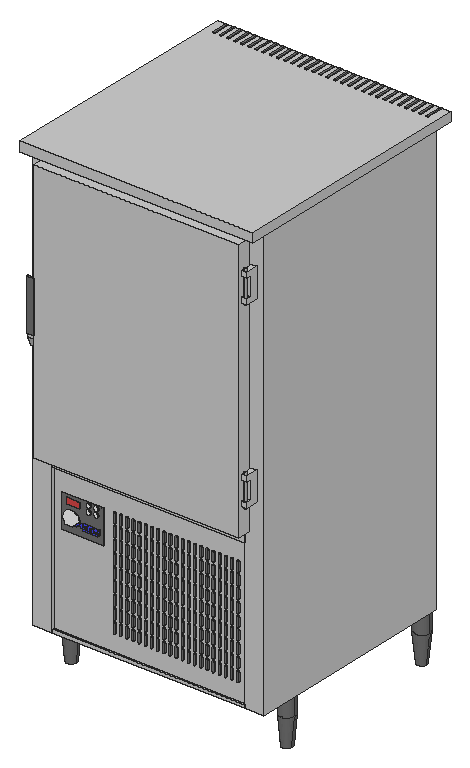
Revit family "QF_ACFRI_RS50-RL.190709092838", category Specialty Equipment, Revit 2016 (continued)
Definition of nested family "QF_ACFRI_RS50-RL_230V_1Ph_50Hz"
  Forms (mm)
    Extrusion 5, solid
      sketch origin (0, -746.05, -119.991) x (1, 0, 0) y (0, 0, 1)
        loop
          line (601.229, 494.546) -> (601.229, 467.546)
          arc (601.229, 467.546) -> (604.729, 464.046) -> (608.229, 467.546) r 3.5
          line (608.229, 467.546) -> (608.229, 494.546)
          arc (608.229, 494.546) -> (604.729, 498.046) -> (601.229, 494.546) r 3.5
        loop
          line (621.229, 494.546) -> (621.229, 467.546)
          arc (621.229, 467.546) -> (624.729, 464.046) -> (628.229, 467.546) r 3.5
          line (628.229, 467.546) -> (628.229, 494.546)
          arc (628.229, 494.546) -> (624.729, 498.046) -> (621.229, 494.546) r 3.5
        loop
          line (641.229, 494.546) -> (641.229, 467.546)
          arc (641.229, 467.546) -> (644.729, 464.046) -> (648.229, 467.546) r 3.5
          line (648.229, 467.546) -> (648.229, 494.546)
          arc (648.229, 494.546) -> (644.729, 498.046) -> (641.229, 494.546) r 3.5
        loop
          line (661.229, 494.546) -> (661.229, 467.546)
          arc (661.229, 467.546) -> (664.729, 464.046) -> (668.229, 467.546) r 3.5
          line (668.229, 467.546) -> (668.229, 494.546)
          arc (668.229, 494.546) -> (664.729, 498.046) -> (661.229, 494.546) r 3.5
      from 0 to 2
    Extrusion 6, solid
      sketch origin (-327.449, -51.57, -49) x (1, 0, 0) y (0, 0, 1)
        loop
          circle (377.449, 99) r 5
      from 0 to 5
    Extrusion 7, solid
      sketch origin (686.444, 0, -150) x (0, 1, 0) y (0, 0, 1)
        loop
          line (-56.57, 1543.957) -> (-752.05, 1543.957) -> (-752.05, 150) -> (-56.57, 150) -> (-56.57, 1543.957)
      from 3.267 to 65.187
    Extrusion 8, solid
      sketch origin (0, 0, -51) x (0, 1, 0) y (0, 0, 1)
        loop
          line (-752.05, 1444.957) -> (-752.05, 1398.517) -> (-126.332, 1398.517) -> (-126.332, 593.419) -> (-752.05, 593.419) -> (-752.05, 531.284) -> (-747.05, 531.284) -> (-747.05, 61) -> (-752.05, 61) -> (-752.05, 51) -> (-56.57, 51) -> (-56.57, 1444.957) -> (-752.05, 1444.957)
      from 65.187 to 689.711
  Lines and regions (mm)
    symbolic lines
      curve 1: line (0, 0, 0) -> (755, 0, 0)
      curve 2: line (0, -800, 0) -> (0, 0, 0)
      curve 3: line (755, -800, 0) -> (0, -800, 0)
      curve 4: line (755, 0, 0) -> (755, -800, 0)
  Dimensions and locks
    plane 3 "Left" to plane 4 "Right" = 755 mm
    plane 5 "Front" to plane 1 "Back" = 800 mm
    plane 6 "Top" to level = 1424.917 mm
    aligned and locked: level to plane 2
  Connectors
    electrical at (50, -51.57, 50)
      settings: on Extrusion 6, index 1, voltage 0 V, apparent load 0 VA, apparent load phase1 0 VA, apparent load phase2 0 VA, apparent load phase3 0 VA, power factor 1, load classification none, number of poles 1, system type 31, power factor state 1, is connector primary yes, connector utility no, sub classification motor no, connector description "Electrical connection"
Definition of nested family "QF_ACFRI_RS50_DOOR_RX"
  Parameters (values of type "RS50_DOOR_RX")
    URL catalogue [instance] = ""
    URL = "www.acfri.com"
    Status [instance] = ""
    Spécification technique [instance] = ""
    Spécification du Fabricant [instance] = ""
    Spécification de l'Utilisateur [instance] = ""
    Show Logo [instance] = yes
    Show Clearance [instance] = yes
    SMACNA No spécifique pour les matériaux  Etats Unis [instance] = ""
    Quantité par lot [instance] = no
    Profondeur hors tout [instance] = 40 mm
    Poids net à vide [instance] = 0.00 kg
    Numéro de Série [instance] = ""
    Nombre d'identification NAFEM [instance] = ""
    Model = "RS50_DOOR_RX"
    Manufacturer = "ACFRI"
    Longueur hors tout [instance] = 699 mm
    Installé Par [instance] = ""
    Identifiant Equipement [instance] = no
    Hauteur hors tout [instance] = 850 mm
    Fournis Par [instance] = ""
    Description = "PORTE AVEC OUVERTURE DROITE"
    Cost = 0
    Code de Révision [instance] = ""
    Classification dans le projet [instance] = ""
    Classement sismique [instance] = ""
    Assembly Code = "E1090320"
    Accessoires [instance] = yes
  Reference planes
    plane 1 "Back": y = 0
    plane 2: z = 0
    plane 3 "Left": x = 0
    plane 4 "Right": x = 755
    plane 5 "Front": y = -800
    plane 6 "Top": z = 1424.917
  Forms (mm)
    Extrusion 1, solid
      sketch origin (0, -100, 372.879) x (1, 0, 0) y (0, 0, 1)
        loop
          line (44.706, 1000.129) -> (44.706, 149.234) -> (710.163, 149.234) -> (710.163, 1000.129) -> (44.706, 1000.129)
      from 662.15 to 699.95
    Extrusion 2, solid
      sketch origin (0, -100, 542.879) x (0, 1, 0) y (0, 0, 1)
        loop
          line (-693, 736.96) -> (-678, 736.96) -> (-678, 677.386) -> (-693, 677.386) -> (-693, 660.173) -> (-652, 660.173) -> (-652, 754.173) -> (-693, 754.173) -> (-693, 736.96)
      from 711.246 to 729.246
    Extrusion 3, solid
      sketch origin (0, -100, 542.879) x (1, 0, 0) y (0, 1, 0)
        loop
          circle (720.083, -687.465) r 3
      from 656.173 to 760.173
    Extrusion 4, solid
      sketch origin (0, -100, -49.121) x (0, 1, 0) y (0, 0, 1)
        loop
          line (-693, 736.96) -> (-678, 736.96) -> (-678, 677.386) -> (-693, 677.386) -> (-693, 660.173) -> (-652, 660.173) -> (-652, 754.173) -> (-693, 754.173) -> (-693, 736.96)
      from 711.246 to 729.246
    Extrusion 5, solid
      sketch origin (0, -100, -49.121) x (1, 0, 0) y (0, 1, 0)
        loop
          circle (720.083, -687.465) r 3
      from 656.173 to 760.173
    Extrusion 6, solid
      sketch origin (1239.958, -61.439, 275) x (0, -1, 0) y (0, 0, 1)
        loop
          line (690.561, 693.865) -> (690.561, 557.787) -> (720.711, 557.787) -> (734.263, 585.818) -> (734.263, 665.818) -> (720.711, 693.865) -> (690.561, 693.865)
      from 1195.252 to 1218.714
    Extrusion 7, solid
      sketch origin (1239.958, -61.439, 275) x (0, -1, 0) y (0, 0, 1)
        loop
          line (734.263, 766.818) -> (734.263, 600.329) -> (738.561, 600.329) -> (738.561, 766.818) -> (734.263, 766.818)
      from 1195.252 to 1218.714
    Extrusion 8, solid, visible <- "Show Clearance", detail levels coarse
      sketch origin (0, -100, 372.879) x (1, 0, 0) y (0, 1, 0)
        loop
          line (720.246, -700) -> (21.244, -700)
          arc (21.244, -700) -> (212.032, -1179.918) -> (680.246, -1397.856) r 699.001
          line (680.246, -1397.856) -> (720.246, -1397.856) -> (720.246, -700)
      from 149.234 to 1000.129
  Lines and regions (mm)
    symbolic lines, visible <- "Show Clearance"
      curve 1: arc (21.244, -800, 0) -> (212.032, -1279.918, 0) -> (680.246, -1497.856, 0) r 699.001
      curve 2: line (720.246, -1497.856, 0) -> (720.246, -800, 0)
      curve 3: line (680.246, -1497.856, 0) -> (680.246, -800, 0)
      curve 4: line (680.246, -1497.856, 0) -> (720.246, -1497.856, 0)
  Dimensions and locks
    plane 3 "Left" to plane 4 "Right" = 755 mm
    plane 5 "Front" to plane 1 "Back" = 800 mm
    plane 6 "Top" to level = 1424.917 mm
    aligned and locked: level to plane 2
Definition of nested family "QF_ACFRI_RS12_15_20_LEGS"
  Parameters (values of type "RS12_15_20_LEGS")
    URL catalogue [instance] = ""
    URL = "www.acfri.com"
    Status [instance] = ""
    Spécification technique [instance] = ""
    Spécification du Fabricant [instance] = ""
    Spécification de l'Utilisateur [instance] = ""
    Show Logo [instance] = yes
    Show Clearance [instance] = yes
    SMACNA No spécifique pour les matériaux  Etats Unis [instance] = ""
    Quantité par lot [instance] = no
    Profondeur hors tout [instance] = 700 mm
    Poids net à vide [instance] = 0.00 kg
    Numéro de Série [instance] = ""
    Nombre d'identification NAFEM [instance] = ""
    Model = "RS12_15_20_LEGS"
    Manufacturer = "ACFRI"
    Longueur hors tout [instance] = 755 mm
    Installé Par [instance] = ""
    Identifiant Equipement [instance] = no
    Hauteur hors tout [instance] = 150 mm
    Fournis Par [instance] = ""
    Description = "JAMBES STANDARD"
    Cost = 0
    Code de Révision [instance] = ""
    Classification dans le projet [instance] = ""
    Classement sismique [instance] = ""
    Assembly Code = "E1090320"
    Accessoires [instance] = yes
  Reference planes
    plane 1 "Back": y = 0
    plane 2: z = 0
    plane 3 "Left": x = 0
    plane 4 "Right": x = 755
    plane 5 "Front": y = -700
    plane 6 "Top": z = 150
  Forms (mm)
    Revolve 1, solid
      sketch origin (0, -81.07, 0) x (1, 0, 0) y (0, 0, 1)
        loop
          line (27.767, 150) -> (27.767, 0) -> (43.973, 0) -> (52.267, 93.06) -> (52.267, 150) -> (27.767, 150)
        axis (27.767, 150) -> (27.767, 0)
      angle from 0 to 360
    Revolve 2, solid
      sketch origin (699.364, -81.07, 0) x (1, 0, 0) y (0, 0, 1)
        loop
          line (27.767, 150) -> (27.767, 0) -> (43.973, 0) -> (52.267, 93.06) -> (52.267, 150) -> (27.767, 150)
        axis (27.767, 150) -> (27.767, 0)
      angle from 0 to 360
    Revolve 3, solid
      sketch origin (0, -627.5, 0) x (1, 0, 0) y (0, 0, 1)
        loop
          line (27.767, 150) -> (27.767, 0) -> (43.973, 0) -> (52.267, 93.06) -> (52.267, 150) -> (27.767, 150)
        axis (27.767, 150) -> (27.767, 0)
      angle from 0 to 360
    Revolve 4, solid
      sketch origin (699.364, -627.5, 0) x (1, 0, 0) y (0, 0, 1)
        loop
          line (27.767, 150) -> (27.767, 0) -> (43.973, 0) -> (52.267, 93.06) -> (52.267, 150) -> (27.767, 150)
        axis (27.767, 150) -> (27.767, 0)
      angle from 0 to 360
  Dimensions and locks
    plane 3 "Left" to plane 4 "Right" = 755 mm
    plane 5 "Front" to plane 1 "Back" = 700 mm
    plane 6 "Top" to level = 150 mm
    aligned and locked: level to plane 2
Definition of nested family "QF_ACFRI_RS25_30_40-CP"
  Parameters (values of type "RS25_30_40-CP")
    URL catalogue [instance] = ""
    URL = "www.acfri.com"
    Status [instance] = ""
    Spécification technique [instance] = ""
    Spécification du Fabricant [instance] = ""
    Spécification de l'Utilisateur [instance] = ""
    Show Logo [instance] = yes
    Show Clearance [instance] = yes
    SMACNA No spécifique pour les matériaux  Etats Unis [instance] = ""
    Quantité par lot [instance] = no
    Profondeur hors tout [instance] = 2 mm
    Poids net à vide [instance] = 0.00 kg
    Numéro de Série [instance] = ""
    Nombre d'identification NAFEM [instance] = ""
    Model = "CP"
    Manufacturer = "ACFRI"
    Longueur hors tout [instance] = 135 mm
    Installé Par [instance] = ""
    Identifiant Equipement [instance] = no
    Hauteur hors tout [instance] = 110 mm
    Fournis Par [instance] = ""
    Description = "PANNEAU DE COMMANDE STANDARD"
    Cost = 0
    Code de Révision [instance] = ""
    Classification dans le projet [instance] = ""
    Classement sismique [instance] = ""
    Assembly Code = "E1090320"
    Accessoires [instance] = yes
  Reference planes
    plane 1 "Back": y = 0
    plane 2: z = 0
    plane 3 "Left": x = 0
    plane 4 "Right": x = 755
    plane 5 "Front": y = -800
    plane 6 "Top": z = 1255
  Forms (mm)
    Extrusion 1, solid
      sketch origin (0, -746, -39.477) x (1, 0, 0) y (0, 0, 1)
        loop
          line (93.554, 456.477) -> (93.554, 347.31) -> (228.354, 347.31) -> (228.354, 456.477) -> (93.554, 456.477)
      from 0 to 2
    Extrusion 2, solid
      sketch origin (0, -746, -39.477) x (1, 0, 0) y (0, 0, 1)
        loop
          line (108.554, 446.477) -> (108.554, 426.477) -> (153.209, 426.477) -> (153.209, 446.477) -> (108.554, 446.477)
      from 0 to 2.5
    Extrusion 3, solid
      sketch origin (0, -746, -39.477) x (1, 0, 0) y (0, 0, 1)
        loop
          circle (180.595, 446.477) r 7.041
        loop
          circle (205.595, 446.477) r 6.977
        loop
          circle (180.595, 426.477) r 6.969
        loop
          circle (205.595, 426.477) r 6.966
      from 0 to 2.5
    Extrusion 4, solid, visible <- "Show Logo"
      sketch origin (0, -746, -39.477) x (1, 0, 0) y (0, 0, 1)
        loop
          arc (151.176, 389.128) -> (113.283, 410.215) -> (105.005, 367.647) r 26.786
          line (105.005, 367.647) -> (129.695, 367.647) -> (151.176, 389.128)
      from 0 to 2.5
    Extrusion 5, solid, visible <- "Show Logo"
      sketch origin (0, -746, -39.477) x (1, 0, 0) y (0, 0, 1)
        loop
          line (137.376, 372.576) -> (143.877, 372.576) -> (156.132, 384.832) -> (156.132, 379.832) -> (152.402, 379.832) -> (149.546, 376.976) -> (156.132, 376.976) -> (156.132, 372.576) -> (160.352, 372.576) -> (160.352, 387.576) -> (152.376, 387.576) -> (137.376, 372.576)
        loop
          line (161.81, 372.576) -> (170.216, 372.576) -> (175.423, 376.645) -> (167.48, 376.645) -> (167.48, 383.463) -> (176.07, 383.463) -> (181.335, 387.576) -> (166.704, 387.576) -> (161.81, 383.752) -> (161.81, 372.576)
        loop
          line (177.48, 372.576) -> (183.63, 372.576) -> (183.63, 377.576) -> (187.087, 377.576) -> (191.493, 381.273) -> (183.63, 381.273) -> (183.63, 383.421) -> (192.217, 383.421) -> (197.534, 387.576) -> (183.178, 387.576) -> (177.48, 382.794) -> (177.48, 372.576)
        loop
          line (192.329, 372.576) -> (198.443, 372.576) -> (198.443, 377.835) -> (205.681, 372.576) -> (209.279, 372.576) -> (209.279, 376.027) -> (206.884, 378.036) -> (209.279, 379.907) -> (209.279, 387.576) -> (199.004, 387.576) -> (192.329, 381.975) -> (192.329, 372.576)
        loop
          line (198.443, 383.421) -> (198.443, 381.273) -> (203.737, 381.273) -> (203.737, 383.421) -> (198.443, 383.421)
        loop
          line (210.531, 372.576) -> (216.277, 372.576) -> (216.277, 387.576) -> (210.531, 383.086) -> (210.531, 372.576)
        loop
          line (161.81, 371.199) -> (161.81, 366.993) -> (210.016, 366.993) -> (216.252, 371.199) -> (161.81, 371.199)
      from 0 to 2.5
  Dimensions and locks
    plane 3 "Left" to plane 4 "Right" = 755 mm
    plane 5 "Front" to plane 1 "Back" = 800 mm
    plane 6 "Top" to level = 1255 mm
    aligned and locked: level to plane 2
